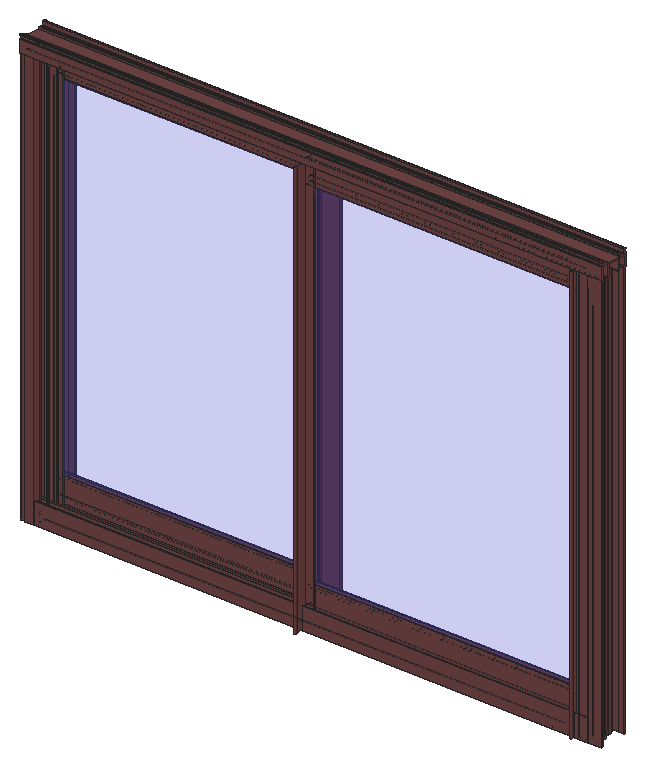
Revit family "HS 12, 18, 24", category Windows, host Wall, Revit 2016
Family settings
  Host = Wall
  OmniClass Number = 23.30.20.00
  OmniClass Title = Windows
  Always vertical = Yes
  Cut with Voids When Loaded = No
  Shared = No
  Room Calculation Point = No
Parameters (values of type "HS1209")
  URL = "http://www.robmeg.co.za/"
  Putty width = 5 mm
  Model = "HS1029"
  Manufacturer = "Robmeg"  # constant formula
  Height = 900 mm
  Glass = Glass
  Description = "Anodised Aluminium Horizontal sliding window"
  Default Sill Height = 914.4 mm
  Wall Closure = By host
  Width = 1200 mm
  Aluminium = Aluminium
Types (13, lengths in mm): name | Model | Height | Description | Width
  (no name) | "HS1029" | 900 | "Anodised Aluminium Horizontal sliding window" | 1200
  HS1206 | "HS1206" | 600 | "Anodised Aluminium horizontal sliding window" | 1200
  HS1209 | "HS1029" | 900 | "Anodised Aluminium Horizontal sliding window" | 1200
  HS1212 | "HS1212" | 1200 | "Anodised Aluminium horizintal sliding window" | 1200
  HS1215 | "HS1215" | 1500 | "Anodised Aluminium horizontal sliding window" | 1200
  HS1806 | "HS1806" | 600 | "Anodised Aluminium Horizontal sliding window" | 1800
  HS1809 | "HS1809" | 900 | "Anodized Aluminium horizontal sliding window" | 1800
  HS1812 | "HS1812" | 1200 | "Anodised Aluminium horizontal sliding window" | 1800
  HS1815 | "HS1815" | 1500 | "Anodized aluminium horizontal sliding window" | 1800
  HS2406 | "HS2406" | 600 | "Andodised aluminium horizontal sliding window" | 2400
  HS2409 | "HS2409" | 900 | "Anodised aluminium horizontal sliding window" | 2400
  HS2412 | "HS2412" | 1200 | "Anodised aluminium Horizontal sliding window" | 2400
  HS2415 | "HS2415" | 1500 | "Anodised aluminium horizontal sliding windows" | 2400
Reference planes
  plane 1 "Center (Front/Back)": y = 0
  plane 2: z = 0
  plane 3 "Center (Left/Right)": x = 0
  plane 4 "Left": x = -600
  plane 5 "Right": x = 600
  plane 6 "Sill": z = 914.4
  plane 7 "Top": z = 1814.4
  plane 8: z = 1809.4
  plane 9: x = -595
  plane 10: x = 595
  plane 11: z = 919.4
  plane 12 "Glass start": y = -11.625
  plane 13 "Glass end": y = -15.625
  plane 14 "Glass start 1": y = 15.406
  plane 15 "Glass end 1": y = 11.406
  plane 16: z = 999.4
  plane 17: z = 1739.4
Forms (mm)
  Sweep 1, solid, material "Aluminium" <- "Aluminium"
    path origin (0, 0, 0) x (1, 0, 0) y (0, 0, 1)
      loop
        line (566.957, 919.4) -> (-567.192, 919.4)
    profile "H6409 : H6409" origin (-0.118, 0, 919.4) x (0, 0, -1) y (0, -1, 0)
      loop
        line (-1.587, -28.535) -> (-5.474, 15.885) -> (-20.336, 15.885) -> (-17.39, -17.787)
        arc (-17.39, -17.787) -> (-15.537, -17.408) -> (-13.78, -18.109) r 3.3
        arc (-13.78, -18.109) -> (-13.651, -19.233) -> (-14.774, -19.363) r 0.8
        arc (-14.774, -19.363) -> (-17.53, -20.738) -> (-14.708, -21.971) r 1.7
        arc (-14.708, -21.971) -> (-13.501, -22.148) -> (-13.872, -23.31) r 0.8
        arc (-13.872, -23.31) -> (-14.613, -23.773) -> (-15.464, -23.975) r 2.691
        line (-15.464, -23.975) -> (-15.065, -28.535) -> (-1.587, -28.535)
      loop
        line (0.013, -28.535) -> (0.013, -14.255) -> (12.712, -14.255) -> (12.712, -11.318)
        arc (12.712, -11.318) -> (11.598, -10.203) -> (10.483, -11.318) r 1.115
        line (10.483, -11.318) -> (10.483, -12.655) -> (0.013, -12.655) -> (0.013, -4.605)
        arc (0.013, -4.605) -> (-0.573, -3.745) -> (-1.587, -3.975) r 0.924
        line (-1.587, -3.975) -> (-1.587, 3.975)
        arc (-1.587, 3.975) -> (-0.597, 4.965) -> (-1.587, 5.955) r 0.99
        line (-1.587, 5.955) -> (-2.377, 5.955) -> (-2.377, 15.885) -> (-0.617, 15.885)
        arc (-0.617, 15.885) -> (0.183, 16.685) -> (-0.617, 17.485) r 0.8
        line (-0.617, 17.485) -> (-13.278, 17.485) -> (-17.435, 19.885)
        arc (-17.435, 19.885) -> (-20.577, 20.417) -> (-17.851, 22.067) r 1.7
        arc (-17.851, 22.067) -> (-16.727, 22.197) -> (-16.857, 23.321) r 0.8
        arc (-16.857, 23.321) -> (-18.694, 24.028) -> (-20.607, 23.563) r 3.3
        line (-20.607, 23.563) -> (-20.607, 28.585) -> (-2.217, 28.585) -> (-2.217, 27.447)
        arc (-2.217, 27.447) -> (-1.102, 26.332) -> (0.013, 27.447) r 1.115
        line (0.013, 27.447) -> (0.013, 30.185) -> (-44.437, 30.185) -> (-44.437, 27.015) -> (-22.207, 27.015) -> (-22.207, 14.315) -> (-42.367, 14.315)
        arc (-42.367, 14.315) -> (-44.437, 13.515) -> (-42.367, 12.715) r 1.19
        line (-42.367, 12.715) -> (-22.066, 12.715) -> (-19.844, -12.685) -> (-42.367, -12.685)
        arc (-42.367, -12.685) -> (-44.437, -13.485) -> (-42.367, -14.285) r 1.19
        line (-42.367, -14.285) -> (-19.704, -14.285) -> (-18.317, -30.135) -> (5.872, -30.135)
        arc (5.872, -30.135) -> (6.672, -29.335) -> (5.872, -28.535) r 0.8
        line (5.872, -28.535) -> (0.013, -28.535)
  Sweep 2, solid, material "Aluminium" <- "Aluminium"
    path origin (0, 0, 0) x (1, 0, 0) y (0, 0, 1)
      loop
        line (-595, 1774.488) -> (-595, 919.4)
    profile "1349 : 1349" origin (-595, 0, 1346.944) x (1, 0, 0) y (0, -1, 0)
      loop
        line (25.428, 14.949) -> (17.748, 14.949) -> (17.748, 9.399)
        arc (17.748, 9.399) -> (18.938, 9.063) -> (20.128, 9.399) r 2.278
        line (20.128, 9.399) -> (20.128, 12.569) -> (23.048, 12.569) -> (23.048, 9.333)
        arc (23.048, 9.333) -> (23.459, 8.64) -> (24.264, 8.668) r 0.79
        arc (24.264, 8.668) -> (25.064, 8.525) -> (25.428, 7.799) r 0.907
        line (25.428, 7.799) -> (25.428, -6.764)
        arc (25.428, -6.764) -> (25.064, -7.49) -> (24.264, -7.633) r 0.907
        arc (24.264, -7.633) -> (23.459, -7.605) -> (23.048, -8.298) r 0.79
        line (23.048, -8.298) -> (23.048, -12.051) -> (20.128, -12.051) -> (20.128, -8.881)
        arc (20.128, -8.881) -> (18.938, -8.551) -> (17.748, -8.881) r 2.31
        line (17.748, -8.881) -> (17.748, -14.431) -> (25.428, -14.431) -> (25.428, -28.501) -> (2.408, -28.501) -> (2.408, -27.324)
        arc (2.408, -27.324) -> (1.218, -26.134) -> (0.028, -27.324) r 1.19
        line (0.028, -27.324) -> (0.028, -30.101) -> (27.808, -30.101) -> (27.808, -16.411) -> (34.928, -16.411)
        arc (34.928, -16.411) -> (35.918, -15.421) -> (34.928, -14.431) r 0.99
        line (34.928, -14.431) -> (27.808, -14.431) -> (27.808, -12.451) -> (34.928, -12.451)
        arc (34.928, -12.451) -> (35.918, -11.461) -> (34.928, -10.471) r 0.99
        line (34.928, -10.471) -> (27.808, -10.471) -> (27.808, -3.131) -> (35.728, -3.131) -> (35.728, 0.459) -> (34.048, 0.459)
        arc (34.048, 0.459) -> (31.409, -0.979) -> (31.703, 2.012) r 1.7
        line (31.703, 2.012) -> (51.43, 2.012)
        arc (51.43, 2.012) -> (52.387, 0.467) -> (53.768, 1.649) r 1.197
        line (53.768, 1.649) -> (53.768, 4.009) -> (30.287, 4.009) -> (27.808, 4.009) -> (27.808, 14.549)
        arc (27.808, 14.549) -> (29.473, 15.749) -> (27.808, 16.949) r 1.265
        line (27.808, 16.949) -> (27.808, 30.219) -> (10.348, 30.219) -> (8.748, 28.619) -> (0.828, 28.619)
        arc (0.828, 28.619) -> (-0.294, 27.819) -> (0.828, 27.019) r 0.846
        line (0.828, 27.019) -> (10.348, 27.019) -> (11.948, 28.619) -> (25.428, 28.619) -> (25.428, 14.949)
  Sweep 3, solid, material "Aluminium" <- "Aluminium"
    path origin (0, 0, 0) x (1, 0, 0) y (0, 0, 1)
      loop
        line (595, 1774.488) -> (595, 919.4)
    profile "1350 : 1350" origin (595, 0, 1346.944) x (1, 0, 0) y (0, -1, 0)
      loop
        line (-25.663, -14.83) -> (-17.983, -14.83) -> (-17.983, -9.28)
        arc (-17.983, -9.28) -> (-19.173, -8.945) -> (-20.363, -9.28) r 2.278
        line (-20.363, -9.28) -> (-20.363, -12.45) -> (-23.283, -12.45) -> (-23.283, -9.215)
        arc (-23.283, -9.215) -> (-23.694, -8.522) -> (-24.499, -8.55) r 0.79
        arc (-24.499, -8.55) -> (-25.299, -8.407) -> (-25.663, -7.68) r 0.907
        line (-25.663, -7.68) -> (-25.663, 0.135)
        arc (-25.663, 0.135) -> (-25.299, 0.861) -> (-24.499, 1.004) r 0.907
        arc (-24.499, 1.004) -> (-23.694, 0.977) -> (-23.283, 1.67) r 0.79
        line (-23.283, 1.67) -> (-23.283, 12.17) -> (-20.363, 12.17) -> (-20.363, 9)
        arc (-20.363, 9) -> (-19.173, 8.67) -> (-17.983, 9) r 2.31
        line (-17.983, 9) -> (-17.983, 14.55) -> (-25.663, 14.55) -> (-25.663, 28.62) -> (-2.643, 28.62) -> (-2.643, 27.443)
        arc (-2.643, 27.443) -> (-1.453, 26.253) -> (-0.263, 27.443) r 1.19
        line (-0.263, 27.443) -> (-0.263, 30.22) -> (-28.043, 30.22) -> (-28.043, 27.04) -> (-54.003, 27.04) -> (-54.003, 24.68)
        arc (-54.003, 24.68) -> (-52.403, 23.553) -> (-51.881, 25.44) r 1.197
        line (-51.881, 25.44) -> (-28.043, 25.44) -> (-28.043, 16.53) -> (-35.163, 16.53)
        arc (-35.163, 16.53) -> (-36.153, 15.54) -> (-35.163, 14.55) r 0.99
        line (-35.163, 14.55) -> (-28.043, 14.55) -> (-28.043, 12.57) -> (-35.163, 12.57)
        arc (-35.163, 12.57) -> (-36.153, 11.58) -> (-35.163, 10.59) r 0.99
        line (-35.163, 10.59) -> (-28.525, 10.59)
        arc (-28.525, 10.59) -> (-27.894, 9.436) -> (-27.263, 10.59) r 0.749
        line (-27.263, 10.59) -> (-25.663, 10.59) -> (-25.663, 3.25) -> (-27.263, 3.25)
        arc (-27.263, 3.25) -> (-27.894, 4.403) -> (-28.525, 3.25) r 0.749
        line (-28.525, 3.25) -> (-30.522, 3.25) -> (-31.733, 1.152)
        arc (-31.733, 1.152) -> (-32.307, -1.998) -> (-33.859, 0.802) r 1.7
        arc (-33.859, 0.802) -> (-34.114, 2.705) -> (-35.963, 2.189) r 1.272
        line (-35.963, 2.189) -> (-35.963, -3.89) -> (-28.043, -3.89) -> (-28.043, -14.43)
        arc (-28.043, -14.43) -> (-29.708, -15.63) -> (-28.043, -16.83) r 1.265
        line (-28.043, -16.83) -> (-28.043, -30.1) -> (-10.583, -30.1) -> (-8.983, -28.5) -> (-1.063, -28.5)
        arc (-1.063, -28.5) -> (0.059, -27.7) -> (-1.063, -26.9) r 0.846
        line (-1.063, -26.9) -> (-10.583, -26.9) -> (-12.183, -28.5) -> (-25.663, -28.5) -> (-25.663, -14.83)
  Sweep 4, solid, material "Aluminium" <- "Aluminium"
    path origin (0, 0, 0) x (1, 0, 0) y (0, 0, 1)
      loop
        line (595, 1809.4) -> (-595, 1809.4)
    profile "2073 : 2073" origin (0, 0, 1809.4) x (0, 0, -1) y (0, -1, 0)
      loop
        line (9.277, 28.393) -> (32.672, 28.393) -> (32.672, 27.188)
        arc (32.672, 27.188) -> (33.792, 26.068) -> (34.912, 27.188) r 1.12
        line (34.912, 27.188) -> (34.912, 29.993) -> (7.695, 29.993) -> (7.695, 28.573) -> (2.372, 28.573)
        arc (2.372, 28.573) -> (1.821, 28.802) -> (1.592, 29.353) r 0.78
        arc (1.592, 29.353) -> (0.792, 30.153) -> (-0.008, 29.353) r 0.8
        line (-0.008, 29.353) -> (-0.008, 26.973) -> (7.835, 26.973) -> (8.136, 23.536)
        arc (8.136, 23.536) -> (6.151, 23.884) -> (4.325, 23.034) r 3.36
        arc (4.325, 23.034) -> (4.275, 21.932) -> (5.376, 21.882) r 0.78
        arc (5.376, 21.882) -> (8.39, 20.553) -> (5.376, 19.224) r 1.8
        arc (5.376, 19.224) -> (4.275, 19.174) -> (4.325, 18.072) r 0.78
        arc (4.325, 18.072) -> (6.443, 17.196) -> (8.631, 17.884) r 3.36
        line (8.631, 17.884) -> (11.76, -17.884)
        arc (11.76, -17.884) -> (9.775, -17.536) -> (7.948, -18.386) r 3.36
        arc (7.948, -18.386) -> (7.898, -19.488) -> (9, -19.538) r 0.78
        arc (9, -19.538) -> (12.014, -20.867) -> (9, -22.196) r 1.8
        arc (9, -22.196) -> (7.898, -22.246) -> (7.948, -23.348) r 0.78
        arc (7.948, -23.348) -> (10.067, -24.224) -> (12.254, -23.536) r 3.36
        line (12.254, -23.536) -> (12.712, -28.767) -> (8.512, -28.767) -> (8.512, -27.307) -> (-0.008, -27.307) -> (-0.008, -29.687)
        arc (-0.008, -29.687) -> (0.792, -30.487) -> (1.592, -29.687) r 0.8
        arc (1.592, -29.687) -> (1.821, -29.135) -> (2.372, -28.907) r 0.78
        line (2.372, -28.907) -> (6.132, -28.907)
        arc (6.132, -28.907) -> (6.684, -29.135) -> (6.912, -29.687) r 0.78
        arc (6.912, -29.687) -> (7.354, -30.402) -> (8.192, -30.327) r 0.8
        line (8.192, -30.327) -> (34.912, -30.327) -> (34.912, -27.947)
        arc (34.912, -27.947) -> (33.792, -26.827) -> (32.672, -27.947) r 1.12
        line (32.672, -27.947) -> (32.672, -28.767) -> (14.278, -28.767) -> (13.026, -14.457) -> (34.092, -14.457)
        arc (34.092, -14.457) -> (34.912, -13.637) -> (34.092, -12.817) r 0.82
        line (34.092, -12.817) -> (12.883, -12.817) -> (10.669, 12.483) -> (34.092, 12.483)
        arc (34.092, 12.483) -> (34.912, 13.303) -> (34.092, 14.123) r 0.82
        line (34.092, 14.123) -> (10.526, 14.123) -> (9.277, 28.393)
  Sweep 5, solid, material "Aluminium" <- "Aluminium"
    path origin (0, 0, 0) x (1, 0, 0) y (0, 0, 1)
      loop
        line (0, 919.4) -> (0, 1774.488)
    profile "4443 : 4443" origin (0, 0, 1346.944) x (-1, 0, 0) y (0, -1, 0)
      loop
        line (0, 2.557) -> (0, -42.877)
        arc (0, -42.877) -> (1.052, -47.423) -> (2.02, -42.858) r 2.39
        line (2.02, -42.858) -> (2.02, -22.023) -> (20.44, -22.023)
        arc (20.44, -22.023) -> (21.45, -21.013) -> (20.44, -20.003) r 1.01
        line (20.44, -20.003) -> (2.02, -20.003) -> (2.02, -7.303) -> (20.44, -7.303)
        arc (20.44, -7.303) -> (21.45, -6.293) -> (20.44, -5.283) r 1.01
        line (20.44, -5.283) -> (2.02, -5.283) -> (2.02, -0.803) -> (9.24, -0.803)
        arc (9.24, -0.803) -> (10.074, -0.458) -> (10.42, 0.377) r 1.18
        line (10.42, 0.377) -> (10.42, 1.377) -> (17.66, 1.377)
        arc (17.66, 1.377) -> (18.25, 1.967) -> (17.66, 2.557) r 0.59
        line (17.66, 2.557) -> (7.6, 2.557)
        arc (7.6, 2.557) -> (7.145, 2.101) -> (7.6, 1.646) r 0.455
        arc (7.6, 1.646) -> (8.235, 1.011) -> (7.6, 0.377) r 0.635
        line (7.6, 0.377) -> (1.88, 0.377)
        arc (1.88, 0.377) -> (1.245, 1.011) -> (1.88, 1.646) r 0.635
        arc (1.88, 1.646) -> (2.335, 2.101) -> (1.88, 2.557) r 0.455
        line (1.88, 2.557) -> (0, 2.557)
  Sweep 6, solid, material "Aluminium" <- "Aluminium"
    path origin (0, 0, 0) x (1, 0, 0) y (0, 0, 1)
      loop
        line (-595, 1774.488) -> (-595, 919.4)
    profile "4279 : 4279" origin (-595, 0, 1346.944) x (1, 0, 0) y (0, -1, 0)
      loop
        line (40.755, -19.971) -> (40.755, -7.271) -> (59.175, -7.271)
        arc (59.175, -7.271) -> (60.19, -6.256) -> (59.175, -5.241) r 1.015
        line (59.175, -5.241) -> (28.055, -5.241) -> (28.055, -8.421) -> (30.435, -8.421)
        arc (30.435, -8.421) -> (31.01, -7.846) -> (30.435, -7.271) r 0.575
        arc (30.435, -7.271) -> (30.02, -6.856) -> (30.435, -6.441) r 0.415
        line (30.435, -6.441) -> (35.155, -6.441)
        arc (35.155, -6.441) -> (35.57, -6.856) -> (35.155, -7.271) r 0.415
        arc (35.155, -7.271) -> (34.58, -7.846) -> (35.155, -8.421) r 0.575
        line (35.155, -8.421) -> (38.375, -8.421) -> (38.375, -18.821) -> (35.155, -18.821)
        arc (35.155, -18.821) -> (34.58, -19.396) -> (35.155, -19.971) r 0.575
        arc (35.155, -19.971) -> (35.57, -20.386) -> (35.155, -20.801) r 0.415
        line (35.155, -20.801) -> (30.435, -20.801)
        arc (30.435, -20.801) -> (30.02, -20.386) -> (30.435, -19.971) r 0.415
        arc (30.435, -19.971) -> (31.01, -19.396) -> (30.435, -18.821) r 0.575
        line (30.435, -18.821) -> (28.055, -18.821) -> (28.055, -22.001) -> (57.775, -22.001) -> (57.775, -32.519)
        arc (57.775, -32.519) -> (58.753, -37.101) -> (59.815, -32.538) r 2.4
        line (59.815, -32.538) -> (59.815, -19.971) -> (40.755, -19.971)
  Sweep 7, solid, material "Aluminium" <- "Aluminium"
    path origin (0, 0, 0) x (1, 0, 0) y (0, 0, 1)
      loop
        line (0, 919.4) -> (0, 1774.488)
    profile "4443 : 4443" origin (0, 0, 1346.944) x (-1, 0, 0) y (0, -1, 0)
      loop
        line (21.508, -2.62) -> (21.508, 42.813)
        arc (21.508, 42.813) -> (20.456, 47.36) -> (19.488, 42.795) r 2.39
        line (19.488, 42.795) -> (19.488, 21.96) -> (1.068, 21.96)
        arc (1.068, 21.96) -> (0.058, 20.95) -> (1.068, 19.94) r 1.01
        line (1.068, 19.94) -> (19.488, 19.94) -> (19.488, 7.24) -> (1.068, 7.24)
        arc (1.068, 7.24) -> (0.058, 6.23) -> (1.068, 5.22) r 1.01
        line (1.068, 5.22) -> (19.488, 5.22) -> (19.488, 0.74) -> (12.268, 0.74)
        arc (12.268, 0.74) -> (11.434, 0.394) -> (11.088, -0.44) r 1.18
        line (11.088, -0.44) -> (11.088, -1.44) -> (3.848, -1.44)
        arc (3.848, -1.44) -> (3.258, -2.03) -> (3.848, -2.62) r 0.59
        line (3.848, -2.62) -> (13.908, -2.62)
        arc (13.908, -2.62) -> (14.363, -2.165) -> (13.908, -1.71) r 0.455
        arc (13.908, -1.71) -> (13.273, -1.075) -> (13.908, -0.44) r 0.635
        line (13.908, -0.44) -> (19.628, -0.44)
        arc (19.628, -0.44) -> (20.263, -1.075) -> (19.628, -1.71) r 0.635
        arc (19.628, -1.71) -> (19.173, -2.165) -> (19.628, -2.62) r 0.455
        line (19.628, -2.62) -> (21.508, -2.62)
  Sweep 8, solid, material "Aluminium" <- "Aluminium"
    path origin (0, 0, 0) x (1, 0, 0) y (0, 0, 1)
      loop
        line (595, 1774.488) -> (595, 919.4)
    profile "4279 : 4279" origin (595, 0, 1346.944) x (1, 0, 0) y (0, -1, 0)
      loop
        line (-40.872, 20.234) -> (-40.872, 7.534) -> (-59.292, 7.534)
        arc (-59.292, 7.534) -> (-60.307, 6.519) -> (-59.292, 5.504) r 1.015
        line (-59.292, 5.504) -> (-28.172, 5.504) -> (-28.172, 8.684) -> (-30.552, 8.684)
        arc (-30.552, 8.684) -> (-31.127, 8.109) -> (-30.552, 7.534) r 0.575
        arc (-30.552, 7.534) -> (-30.137, 7.119) -> (-30.552, 6.704) r 0.415
        line (-30.552, 6.704) -> (-35.272, 6.704)
        arc (-35.272, 6.704) -> (-35.687, 7.119) -> (-35.272, 7.534) r 0.415
        arc (-35.272, 7.534) -> (-34.697, 8.109) -> (-35.272, 8.684) r 0.575
        line (-35.272, 8.684) -> (-38.492, 8.684) -> (-38.492, 19.084) -> (-35.272, 19.084)
        arc (-35.272, 19.084) -> (-34.697, 19.659) -> (-35.272, 20.234) r 0.575
        arc (-35.272, 20.234) -> (-35.687, 20.649) -> (-35.272, 21.064) r 0.415
        line (-35.272, 21.064) -> (-30.552, 21.064)
        arc (-30.552, 21.064) -> (-30.137, 20.649) -> (-30.552, 20.234) r 0.415
        arc (-30.552, 20.234) -> (-31.127, 19.659) -> (-30.552, 19.084) r 0.575
        line (-30.552, 19.084) -> (-28.172, 19.084) -> (-28.172, 22.264) -> (-57.892, 22.264) -> (-57.892, 32.782)
        arc (-57.892, 32.782) -> (-58.87, 37.364) -> (-59.932, 32.801) r 2.4
        line (-59.932, 32.801) -> (-59.932, 20.234) -> (-40.872, 20.234)
  Sweep 9, solid, material "Aluminium" <- "Aluminium"
    path origin (0, 0, 0) x (1, 0, 0) y (0, 0, 1)
      loop
        line (554.128, 919.4) -> (-19.488, 919.4)
    profile "H1333 : H1333" origin (267.32, 0, 919.4) x (0, 0, -1) y (0, -1, 0)
      loop
        arc (-85.505, 19.954) -> (-86.305, 19.154) -> (-85.505, 18.354) r 0.8
        line (-85.505, 18.354) -> (-75.52, 18.354)
        arc (-75.52, 18.354) -> (-74.552, 17.656) -> (-74.909, 16.518) r 1.02
        arc (-74.909, 16.518) -> (-76.367, 13.604) -> (-74.909, 10.691) r 3.64
        arc (-74.909, 10.691) -> (-74.552, 9.552) -> (-75.52, 8.854) r 1.02
        line (-75.52, 8.854) -> (-85.505, 8.854)
        arc (-85.505, 8.854) -> (-86.305, 8.054) -> (-85.505, 7.254) r 0.8
        line (-85.505, 7.254) -> (-34.845, 7.254) -> (-34.845, 10.864) -> (-37.195, 10.864)
        arc (-37.195, 10.864) -> (-37.61, 10.449) -> (-37.195, 10.034) r 0.415
        line (-37.195, 10.034) -> (-35.865, 10.034) -> (-35.865, 8.774) -> (-43.345, 8.774) -> (-43.345, 10.034) -> (-42.015, 10.034)
        arc (-42.015, 10.034) -> (-41.6, 10.449) -> (-42.015, 10.864) r 0.415
        line (-42.015, 10.864) -> (-44.365, 10.864) -> (-44.365, 8.854) -> (-70.345, 8.854) -> (-70.345, 11.899)
        arc (-70.345, 11.899) -> (-70.749, 12.501) -> (-71.458, 12.355) r 0.65
        arc (-71.458, 12.355) -> (-74.507, 13.604) -> (-71.458, 14.853) r 1.78
        arc (-71.458, 14.853) -> (-70.749, 14.708) -> (-70.345, 15.309) r 0.65
        line (-70.345, 15.309) -> (-70.345, 18.354) -> (-44.365, 18.354) -> (-44.365, 16.344) -> (-42.015, 16.344)
        arc (-42.015, 16.344) -> (-41.6, 16.759) -> (-42.015, 17.174) r 0.415
        line (-42.015, 17.174) -> (-43.345, 17.174) -> (-43.345, 18.434) -> (-35.865, 18.434) -> (-35.865, 17.174) -> (-37.195, 17.174)
        arc (-37.195, 17.174) -> (-37.61, 16.759) -> (-37.195, 16.344) r 0.415
        line (-37.195, 16.344) -> (-34.845, 16.344) -> (-34.845, 19.954) -> (-85.505, 19.954)
  Sweep 10, solid, material "Aluminium" <- "Aluminium"
    path origin (0, 0, 0) x (1, 0, 0) y (0, 0, 1)
      loop
        line (554.128, 1809.4) -> (-19.488, 1809.4)
    profile "H1333 : H1333" origin (267.32, 0, 1809.4) x (0, 0, -1) y (0, -1, 0)
      loop
        arc (76.106, 7.276) -> (76.906, 8.076) -> (76.106, 8.876) r 0.8
        line (76.106, 8.876) -> (66.121, 8.876)
        arc (66.121, 8.876) -> (65.153, 9.574) -> (65.509, 10.712) r 1.02
        arc (65.509, 10.712) -> (66.967, 13.626) -> (65.509, 16.539) r 3.64
        arc (65.509, 16.539) -> (65.153, 17.678) -> (66.121, 18.376) r 1.02
        line (66.121, 18.376) -> (76.106, 18.376)
        arc (76.106, 18.376) -> (76.906, 19.176) -> (76.106, 19.976) r 0.8
        line (76.106, 19.976) -> (25.446, 19.976) -> (25.446, 16.366) -> (27.796, 16.366)
        arc (27.796, 16.366) -> (28.211, 16.781) -> (27.796, 17.196) r 0.415
        line (27.796, 17.196) -> (26.466, 17.196) -> (26.466, 18.456) -> (33.946, 18.456) -> (33.946, 17.196) -> (32.616, 17.196)
        arc (32.616, 17.196) -> (32.201, 16.781) -> (32.616, 16.366) r 0.415
        line (32.616, 16.366) -> (34.966, 16.366) -> (34.966, 18.376) -> (60.946, 18.376) -> (60.946, 15.331)
        arc (60.946, 15.331) -> (61.349, 14.729) -> (62.059, 14.875) r 0.65
        arc (62.059, 14.875) -> (65.107, 13.626) -> (62.059, 12.377) r 1.78
        arc (62.059, 12.377) -> (61.349, 12.522) -> (60.946, 11.921) r 0.65
        line (60.946, 11.921) -> (60.946, 8.876) -> (34.966, 8.876) -> (34.966, 10.886) -> (32.616, 10.886)
        arc (32.616, 10.886) -> (32.201, 10.471) -> (32.616, 10.056) r 0.415
        line (32.616, 10.056) -> (33.946, 10.056) -> (33.946, 8.796) -> (26.466, 8.796) -> (26.466, 10.056) -> (27.796, 10.056)
        arc (27.796, 10.056) -> (28.211, 10.471) -> (27.796, 10.886) r 0.415
        line (27.796, 10.886) -> (25.446, 10.886) -> (25.446, 7.276) -> (76.106, 7.276)
  Sweep 11, solid, material "Aluminium" <- "Aluminium"
    path origin (0, 0, 0) x (1, 0, 0) y (0, 0, 1)
      loop
        line (-2.02, 1809.4) -> (-554.245, 1809.4)
    profile "H1333 : H1333" origin (-278.133, 0, 1809.4) x (0, 0, -1) y (0, -1, 0)
      loop
        arc (77.19, -19.975) -> (77.99, -19.175) -> (77.19, -18.375) r 0.8
        line (77.19, -18.375) -> (67.205, -18.375)
        arc (67.205, -18.375) -> (66.237, -17.677) -> (66.593, -16.539) r 1.02
        arc (66.593, -16.539) -> (68.052, -13.625) -> (66.593, -10.712) r 3.64
        arc (66.593, -10.712) -> (66.237, -9.573) -> (67.205, -8.875) r 1.02
        line (67.205, -8.875) -> (77.19, -8.875)
        arc (77.19, -8.875) -> (77.99, -8.075) -> (77.19, -7.275) r 0.8
        line (77.19, -7.275) -> (26.53, -7.275) -> (26.53, -10.885) -> (28.88, -10.885)
        arc (28.88, -10.885) -> (29.295, -10.47) -> (28.88, -10.055) r 0.415
        line (28.88, -10.055) -> (27.55, -10.055) -> (27.55, -8.795) -> (35.03, -8.795) -> (35.03, -10.055) -> (33.7, -10.055)
        arc (33.7, -10.055) -> (33.285, -10.47) -> (33.7, -10.885) r 0.415
        line (33.7, -10.885) -> (36.05, -10.885) -> (36.05, -8.875) -> (62.03, -8.875) -> (62.03, -11.92)
        arc (62.03, -11.92) -> (62.434, -12.522) -> (63.143, -12.376) r 0.65
        arc (63.143, -12.376) -> (66.192, -13.625) -> (63.143, -14.874) r 1.78
        arc (63.143, -14.874) -> (62.434, -14.729) -> (62.03, -15.33) r 0.65
        line (62.03, -15.33) -> (62.03, -18.375) -> (36.05, -18.375) -> (36.05, -16.365) -> (33.7, -16.365)
        arc (33.7, -16.365) -> (33.285, -16.78) -> (33.7, -17.195) r 0.415
        line (33.7, -17.195) -> (35.03, -17.195) -> (35.03, -18.455) -> (27.55, -18.455) -> (27.55, -17.195) -> (28.88, -17.195)
        arc (28.88, -17.195) -> (29.295, -16.78) -> (28.88, -16.365) r 0.415
        line (28.88, -16.365) -> (26.53, -16.365) -> (26.53, -19.975) -> (77.19, -19.975)
  Sweep 12, solid, material "Aluminium" <- "Aluminium"
    path origin (0, 0, 0) x (1, 0, 0) y (0, 0, 1)
      loop
        line (-2.02, 919.4) -> (-554.245, 919.4)
    profile "H1333 : H1333" origin (-278.133, 0, 919.4) x (0, 0, -1) y (0, -1, 0)
      loop
        arc (-85.221, -7.286) -> (-86.021, -8.086) -> (-85.221, -8.886) r 0.8
        line (-85.221, -8.886) -> (-75.236, -8.886)
        arc (-75.236, -8.886) -> (-74.268, -9.584) -> (-74.624, -10.722) r 1.02
        arc (-74.624, -10.722) -> (-76.082, -13.636) -> (-74.624, -16.549) r 3.64
        arc (-74.624, -16.549) -> (-74.268, -17.688) -> (-75.236, -18.386) r 1.02
        line (-75.236, -18.386) -> (-85.221, -18.386)
        arc (-85.221, -18.386) -> (-86.021, -19.186) -> (-85.221, -19.986) r 0.8
        line (-85.221, -19.986) -> (-34.561, -19.986) -> (-34.561, -16.376) -> (-36.911, -16.376)
        arc (-36.911, -16.376) -> (-37.326, -16.791) -> (-36.911, -17.206) r 0.415
        line (-36.911, -17.206) -> (-35.581, -17.206) -> (-35.581, -18.466) -> (-43.061, -18.466) -> (-43.061, -17.206) -> (-41.731, -17.206)
        arc (-41.731, -17.206) -> (-41.316, -16.791) -> (-41.731, -16.376) r 0.415
        line (-41.731, -16.376) -> (-44.081, -16.376) -> (-44.081, -18.386) -> (-70.061, -18.386) -> (-70.061, -15.341)
        arc (-70.061, -15.341) -> (-70.465, -14.739) -> (-71.174, -14.885) r 0.65
        arc (-71.174, -14.885) -> (-74.222, -13.636) -> (-71.174, -12.387) r 1.78
        arc (-71.174, -12.387) -> (-70.465, -12.532) -> (-70.061, -11.931) r 0.65
        line (-70.061, -11.931) -> (-70.061, -8.886) -> (-44.081, -8.886) -> (-44.081, -10.896) -> (-41.731, -10.896)
        arc (-41.731, -10.896) -> (-41.316, -10.481) -> (-41.731, -10.066) r 0.415
        line (-41.731, -10.066) -> (-43.061, -10.066) -> (-43.061, -8.806) -> (-35.581, -8.806) -> (-35.581, -10.066) -> (-36.911, -10.066)
        arc (-36.911, -10.066) -> (-37.326, -10.481) -> (-36.911, -10.896) r 0.415
        line (-36.911, -10.896) -> (-34.561, -10.896) -> (-34.561, -7.286) -> (-85.221, -7.286)
  Extrusion 13, solid, material "Glass" <- "Glass"
    sketch origin (0, 0, 914.4) x (0, -1, 0) y (1, 0, 0)
      loop
        line (11.625, -11.088) -> (15.625, -11.088) -> (15.625, 540.997) -> (11.625, 540.997) -> (11.625, -11.088)
    from 85 to 825
  Extrusion 14, solid, material "Glass" <- "Glass"
    sketch origin (0, 0, 914.4) x (0, -1, 0) y (1, 0, 0)
      loop
        line (-15.406, -541.232) -> (-11.406, -541.232) -> (-11.406, -10.42) -> (-15.406, -10.42) -> (-15.406, -541.232)
    from 85 to 825
Lines and regions (mm)
  Opening 1
    outline origin (-1524, -76.2, 0) x (1, 0, 0) y (0, 0, 1)
      loop
        line (924, 1814.4) -> (924, 914.4) -> (2124, 914.4) -> (2124, 1814.4) -> (924, 1814.4)
Text (mm)
  text "EXTERIOR" at (-1490.695, 1293.036, 0), in view "Ref. Level"
  text "INTERIOR" at (-1490.695, -959.266, 0), in view "Ref. Level"
  text "Exterior" at (0, 1108.87, 3129.179), in view "Left"
  text "Exterior" at (0, 464.664, 3176.206), in view "Right"
Dimensions and locks
  equal spacing: plane 4 "Left", plane 3 "Center (Left/Right)", plane 5 "Right"
  "Width": plane 4 "Left" to plane 5 "Right"
  "Height": plane 6 "Sill" to plane 7 "Top"
  "Default Sill Height": plane 2 to plane 6 "Sill"
  plane 14 "Glass start 1" to plane 15 "Glass end 1" = 4 mm
  plane 12 "Glass start" to plane 13 "Glass end" = 4 mm
  locked: plane 16 to plane 11 at 80
  locked: plane 8 to plane 17 at 70
  "Putty width": plane 8 to plane 7 "Top"
  "Putty width": plane 10 to plane 5 "Right"
  "Putty width": plane 4 "Left" to plane 9
  "Putty width": plane 6 "Sill" to plane 11
  aligned and locked: plane 7 "Top" to Opening 1 sketch curve
  aligned and locked: plane 6 "Sill" to Opening 1 sketch curve  (x2)
  aligned and locked: plane 5 "Right" to Opening 1 sketch curve
  aligned and locked: plane 4 "Left" to Opening 1 sketch curve
  aligned and locked: level to plane 2
  aligned and locked: Sweep 1 sketch curve to plane 11
  aligned and locked: plane 10 to Sweep 3 sketch curve
  aligned and locked: plane 11 to Sweep 3 sketch curve
  aligned and locked: Sweep 4 sketch curve to plane 8
  aligned and locked: plane 9 to Sweep 4 sketch curve
  aligned and locked: plane 10 to Sweep 4 sketch curve
  aligned and locked: Sweep 3 sketch curve to Sweep 4
  aligned and locked: Sweep 4 to Sweep 2 sketch curve
  aligned and locked: plane 3 "Center (Left/Right)" to Sweep 5 sketch curve
  aligned and locked: Sweep 4 to Sweep 5 sketch curve
  aligned and locked: plane 11 to Sweep 5 sketch curve
  aligned and locked: plane 9 to Sweep 6 sketch curve
  aligned and locked: plane 11 to Sweep 6 sketch curve
  aligned and locked: plane 3 "Center (Left/Right)" to Sweep 7 sketch curve
  aligned and locked: plane 11 to Sweep 7 sketch curve
  aligned and locked: plane 10 to Sweep 8 sketch curve
  aligned and locked: plane 11 to Sweep 8 sketch curve
  aligned and locked: Sweep 4 to Sweep 6 sketch curve
  aligned and locked: Sweep 4 to Sweep 7 sketch curve
  aligned and locked: Sweep 8 sketch curve to Sweep 4
  aligned and locked: Sweep 9 sketch curve to plane 11
  aligned and locked: Sweep 7 to Sweep 9 sketch curve
  aligned and locked: Sweep 9 sketch curve to Sweep 8
  aligned and locked: Sweep 10 sketch curve to plane 8
  aligned and locked: Sweep 7 to Sweep 10 sketch curve
  aligned and locked: Sweep 10 sketch curve to Sweep 8
  aligned and locked: plane 8 to Sweep 11 sketch curve
  aligned and locked: Sweep 5 to Sweep 11 sketch curve
  aligned and locked: Sweep 11 sketch curve to Sweep 6
  aligned and locked: plane 11 to Sweep 12 sketch curve
  aligned and locked: Sweep 12 sketch curve to Sweep 6
  aligned and locked: Sweep 5 to Sweep 12 sketch curve
  aligned and locked: plane 12 "Glass start" to Extrusion 13 sketch curve
  aligned and locked: Extrusion 13 sketch curve to plane 13 "Glass end"
  aligned and locked: Extrusion 13 sketch curve to Sweep 3
  aligned and locked: Extrusion 13 sketch curve to Sweep 7
  aligned and locked: Extrusion 13 to plane 16
  aligned and locked: plane 17 to Extrusion 13
  aligned and locked: Extrusion 14 sketch curve to plane 14 "Glass start 1"
  aligned and locked: Extrusion 14 sketch curve to plane 15 "Glass end 1"
  aligned and locked: Extrusion 14 sketch curve to Sweep 5
  aligned and locked: Sweep 2 to Extrusion 14 sketch curve
  aligned and locked: Extrusion 14 to plane 16
  aligned and locked: plane 17 to Extrusion 14
  aligned and locked: Sweep 1 sketch curve to Sweep 2
  aligned and locked: Sweep 3 to Sweep 1 sketch curve
Automatic sketch dimensions
  plane 9 to Sweep 2 sketch curve = 0 mm
  Sweep 2 sketch curve to plane 11 = 0 mm
